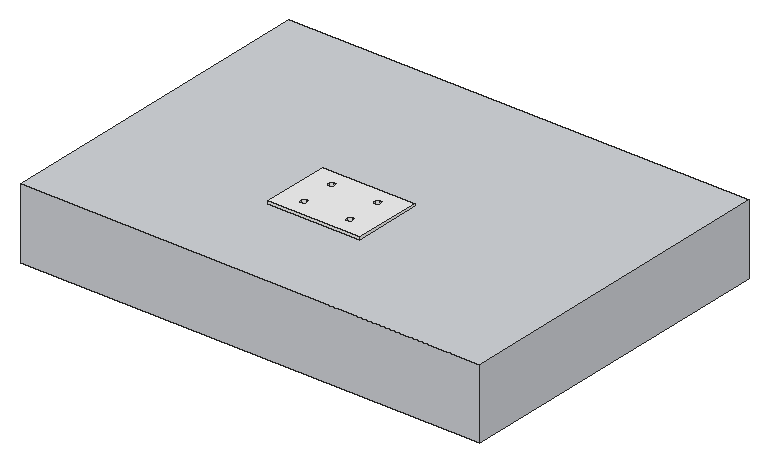
Revit family
Parameters (values of type "10mm")
  폭 [instance] = 300 mm
  두께 = 10 mm
  강판 재료 = 금속 - 스틸 - 345 MPa
  길이 [instance] = 400 mm
  수직 구멍 간격두기 [instance] = 150 mm
  수평 구멍 간격두기 [instance] = 200 mm
  구멍 반지름 [instance] = 구멍 지름 / 2  # 13.5 mm
  구멍 지름 [instance] = 27 mm
  Default Elevation = 1200 mm
Types (7, lengths in mm): name | 두께
  (no name) | 10
  5mm | 5
  10mm | 10
  15mm | 15
  20mm | 20
  25mm | 25
  30mm | 30
Reference planes
  plane 1 "중심(앞/뒤)": y = 0
  plane 2: z = 0
  plane 3 "중심(왼쪽/오른쪽)": x = 0
  plane 4: x = -200
  plane 5: x = 200
  plane 6: y = 150
  plane 7: y = -150
  plane 8: y = 75
  plane 9: y = -75
  plane 10: x = -100
  plane 11: x = 100
  plane 12: z = 10
  plane 13: x = -100
  plane 14: x = 100
  plane 15: y = 75
  plane 16: y = -75
Forms (mm)
  Extrusion 1, solid
    sketch origin (0, 0, 0) x (1, 0, 0) y (0, 1, 0)
      loop
        line (-939.8, 889) -> (-939.8, -567.933) -> (1059.399, -567.933) -> (1059.399, 889) -> (-939.8, 889)
    from 0 to -304.8
  Extrusion 2, solid, material "금속 - 스틸 - 345 MPa" <- "강판 재료"
    sketch origin (0, 0, 0) x (1, 0, 0) y (0, 1, 0)
      loop
        line (-200, 150) -> (-200, -150) -> (200, -150) -> (200, 150) -> (-200, 150)
    from 0 to 10
  Extrusion 3, void
    sketch origin (0, 0, 0) x (1, 0, 0) y (0, 1, 0)
      loop
        circle (-100, 75) r 13.5
      loop
        circle (100, 75) r 13.5
      loop
        circle (-100, -75) r 13.5
      loop
        circle (100, -75) r 13.5
    from 0 to 10
Cuts and joins
  Extrusion 3 cuts Extrusion 2
Dimensions and locks
  "길이": plane 4 to plane 5
  equal spacing: plane 4, plane 3 "중심(왼쪽/오른쪽)", plane 5
  equal spacing: plane 7, plane 1 "중심(앞/뒤)", plane 6
  "폭": plane 7 to plane 6
  equal spacing: plane 9, plane 1 "중심(앞/뒤)", plane 8
  "수직 구멍 간격두기": plane 9 to plane 8
  equal spacing: plane 10, plane 3 "중심(왼쪽/오른쪽)", plane 11
  "수평 구멍 간격두기": plane 10 to plane 11
  "두께": plane 12 to plane 2
  "구멍 반지름": radius of Extrusion 3 sketch curve  (x4)
  aligned and locked: plane 2 to Extrusion 1
  aligned and locked: level to Extrusion 1
  aligned and locked: plane 4 to Extrusion 2 sketch curve
  aligned and locked: Extrusion 2 sketch curve to plane 6
  aligned and locked: plane 7 to Extrusion 2 sketch curve
  aligned and locked: plane 5 to Extrusion 2 sketch curve
  aligned and locked: plane 12 to Extrusion 2
  aligned and locked: Extrusion 2 to level
  aligned and locked: plane 10 to Extrusion 3 sketch curve  (x2)
  aligned and locked: plane 8 to Extrusion 3 sketch curve  (x2)
  aligned and locked: plane 9 to Extrusion 3 sketch curve  (x2)
  aligned and locked: plane 11 to Extrusion 3 sketch curve  (x2)
  aligned and locked: Extrusion 2 to Extrusion 3
  aligned and locked: Extrusion 3 to level
  aligned and locked: plane 10 to plane 13
  aligned and locked: plane 14 to plane 11
  aligned and locked: plane 8 to plane 15
  aligned and locked: plane 16 to plane 9
Automatic sketch dimensions
  Extrusion 1 sketch curve to Extrusion 1 sketch curve = 1999.199 mm
  Extrusion 1 sketch curve to Extrusion 1 sketch curve = 1456.933 mm
